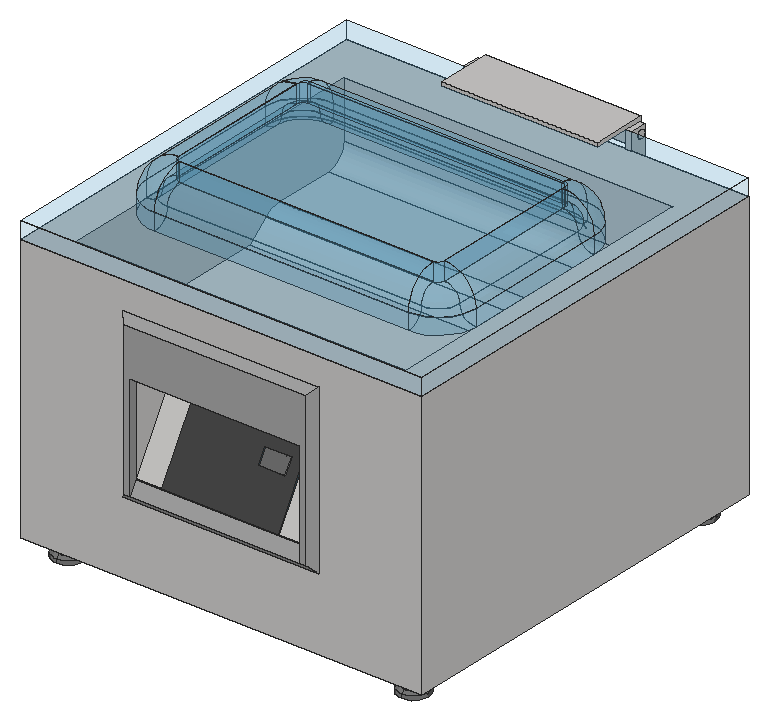
Revit family "QF_ELECTROLUXPROFESSIONAL_602181_EVP20T", category Specialty Equipment, Revit 2018
Family settings
  Round Connector Dimension = Use Diameter
  Part Type = Normal
  Work Plane-Based = No
  Always vertical = Yes
  Cut with Voids When Loaded = No
  Shared = No
  Room Calculation Point = No
Parameters (values of type "Standard")
  Width = 531.0 mm
  Weight = 62.00 kg
  Watts = 0 W
  Volts = 220 V
  URL Manufacturer = "http://professional.electrolux.com"
  URL = "http://professional.electrolux.com"
  Steam Supply Size = 0 mm
  Steam Supply Minimum Pressure = 0.0 Pa
  Steam Supply Maximum Pressure = 0.0 Pa
  Steam Pounds per Hour = 0
  Refrigeration Suction Line Size = 0 mm
  Refrigeration Liquid Line Size = 0 mm
  Refrigerant Compressor Remote = yes
  Manufacturer = "Electrolux Professional"
  Phase = 0
  Model = "EVP20T"
  Max_Height = 790.0 mm
  Length Actual = 531.0 mm  # constant formula
  Item Number = "602181"
  Hot Water Size = 0 mm
  Height Actual = 440.0 mm  # constant formula
  Height = 440.0 mm
  HP = "1.2 HP"
  Gas Size = 0 mm
  Gas KW = 0
  Gas Input Pressure = 0 W
  FeetLeft = 474.0 mm
  FeetFront = 457.0 mm
  Feet [instance] = 923.0 mm
  Direct Waste Size = 0 mm
  Description = "VACUUM PACKER 20 M3/H, TABLE TOP, TOUCH SCREEN"
  Depth Actual = 594.0 mm  # constant formula
  Depth = 594.0 mm
  Cycle = 60 Hz
  Condensate Return Size = 0 mm
  Compressed Air Volume = 0.0 L/s
  Compressed Air Size = 0 mm
  Compressed Air Pressure = 0.0 Pa
  Cold Water Size = 0 mm
  Accessory = yes
Types (2, lengths in mm): name | URL | Manufacturer | Model | Description
  (no name) | 0.0 | 0.0 | 0.0 | 0.0
  Standard | "http://professional.electrolux.com" | "Electrolux Professional" | "EVP20T" | "VACUUM PACKER 20 M3/H, TABLE TOP, TOUCH SCREEN"
Values of the unnamed type that differ from the named types
  Volts = 0 V
  URL Manufacturer = ""
  Item Number = ""
  Cycle = 0 Hz
Reference planes
  plane 1 "Center (Front/Back)": y = 0
  plane 2: z = 0
  plane 3 "Center (Left/Right)": x = 0
  plane 4 "LEFT": x = -265.5
  plane 5 "RIGHT": x = 265.5
  plane 6 "BACK": y = 285
  plane 7 "FRONT": y = -285
  plane 8 "Feet": z = 923
  plane 9 "TOP": z = 1340
  plane 10 "FeetY_Left": x = -228.5
  plane 11 "FeetX_Back": y = 232.5
  plane 12 "FeetX_Front": y = -241.5
  plane 13 "FeetY_Right": x = 228.5
  plane 14 "Cover": z = 1299
  plane 15 "PANEL": through (0, -188.368, 1191.413) normal (0, -0.8594, 0.5113)
  plane 16 "Pipe": y = 309
  plane 17 "PipeX": x = -194.407
  plane 18 "Open_MaxHeight": z = 1690
  plane 19: z = 900
Forms (mm)
  Revolve 1, solid, material "QF_Finishes_Rubber Black"
    sketch origin (-228.5, -374, 900) x (0, 1, 0) y (0, 0, 1)
      loop
        line (132.5, 0) -> (132.5, 23) -> (118.459, 23) -> (118.459, 8) -> (112.5, 5) -> (112.5, 0) -> (132.5, 0)
      axis (132.5, 23) -> (132.5, 0)
    angle from 0 to 360
  Revolve 2, solid, material "QF_Finishes_Rubber Black"
    sketch origin (228.5, 0, 900) x (0, 1, 0) y (0, 0, 1)
      loop
        line (-241.5, 0) -> (-241.5, 23) -> (-255.541, 23) -> (-255.541, 8) -> (-261.5, 5) -> (-261.5, 0) -> (-241.5, 0)
      axis (-241.5, 23) -> (-241.5, 0)
    angle from 0 to 360
  Revolve 3, solid, material "QF_Finishes_Rubber Black"
    sketch origin (-228.5, 0, 900) x (0, 1, 0) y (0, 0, 1)
      loop
        line (232.5, 0) -> (232.5, 23) -> (218.459, 23) -> (218.459, 8) -> (212.5, 5) -> (212.5, 0) -> (232.5, 0)
      axis (232.5, 23) -> (232.5, 0)
    angle from 0 to 360
  Revolve 4, solid, material "QF_Finishes_Rubber Black"
    sketch origin (228.5, 374, 900) x (0, 1, 0) y (0, 0, 1)
      loop
        line (-141.5, 0) -> (-141.5, 23) -> (-155.541, 23) -> (-155.541, 8) -> (-161.5, 5) -> (-161.5, 0) -> (-141.5, 0)
      axis (-141.5, 23) -> (-141.5, 0)
    angle from 0 to 360
  Extrusion 5, solid, material "QF_Finishes_Stainless Steel"
    sketch origin (0, 0, 0) x (1, 0, 0) y (0, 1, 0)
      loop
        line (-265.5, -275) -> (265.5, -275) -> (265.5, 266) -> (-265.5, 266) -> (-265.5, -275)
    from 923 to 1276.075
  Sweep 6, solid, material "Glass"
    path origin (-10, 20, 1299) x (-1, 0, 0) y (0, -1, 0)
      loop
        arc (158, -101.5) -> (193.355, -86.855) -> (208, -51.5) r 50
        line (208, -51.5) -> (208, 144.476)
        arc (208, 144.476) -> (193.355, 179.831) -> (158, 194.476) r 50
        line (158, 194.476) -> (-178, 194.476)
        arc (-178, 194.476) -> (-213.355, 179.831) -> (-228, 144.476) r 50
        line (-228, 144.476) -> (-228, -51.5)
        arc (-228, -51.5) -> (-213.355, -86.855) -> (-178, -101.5) r 50
        line (-178, -101.5) -> (158, -101.5)
    profile origin (0, 121.5, 1299) x (0, 1, 0) y (0, 0, 1)
      loop
        line (0.024, -22.925) -> (0.024, -0.972)
        arc (0.024, -0.972) -> (-12.266, 28.699) -> (-41.936, 40.989) r 41.96
        line (-41.936, 40.989) -> (-41.936, 16.929)
        arc (-41.936, 16.929) -> (-27.767, 11.06) -> (-21.898, -3.109) r 20.038
        arc (-21.898, -3.109) -> (-15.074, -17.594) -> (0.024, -22.925) r 20.778
  Extrusion 7, void
    sketch origin (0, 0, 0) x (0, 1, 0) y (0, 0, 1)
      loop
        line (200.533, 1276) -> (-242, 1276) -> (-242, 1201.071)
        arc (-242, 1201.071) -> (-235.996, 1186.575) -> (-221.5, 1180.571) r 20.5
        line (-221.5, 1180.571) -> (-141.413, 1180.571)
        arc (-141.413, 1180.571) -> (-130.662, 1178.578) -> (-121.339, 1172.865) r 30
        line (-121.339, 1172.865) -> (-91.502, 1146) -> (45.689, 1146) -> (72.68, 1167.284)
        arc (72.68, 1167.284) -> (82.412, 1173.787) -> (93.893, 1176.071) r 30
        line (93.893, 1176.071) -> (175.533, 1176.071)
        arc (175.533, 1176.071) -> (193.211, 1183.393) -> (200.533, 1201.071) r 25
        line (200.533, 1201.071) -> (200.533, 1276)
    from -218.024 to 218.024
  Blend 8, solid, material "QF_Finishes_Gray"
    base sketch origin (0, -285, 0) x (-1, 0, 0) y (0, 0, 1)
      loop
        line (-130, 1240.464) -> (-130, 1019) -> (130, 1019) -> (130, 1240.464) -> (-130, 1240.464)
    top sketch origin (0, -285, 0) x (-1, 0, 0) y (0, 0, 1)
      loop
        line (-120, 1230.464) -> (-120, 1029) -> (120, 1029) -> (120, 1230.464) -> (-120, 1230.464)
    from 10 to 0
  Extrusion 9, void
    sketch origin (0, 0, 28.827) x (0, 1, 0) y (0, 0, 1)
      loop
        line (-285, 1000.173) -> (-223.603, 1103.365) -> (-285, 1139.895) -> (-285, 1000.173)
    from -113 to 113
  Extrusion 10, solid, material "QF_Finishes_Stainless Steel"
    sketch origin (0, 0, 0) x (0, 1, 0) y (0, 0, 1)
      loop
        line (266, 1227.492) -> (288.413, 1227.492) -> (288.413, 1299) -> (266, 1299) -> (266, 1227.492)
    from -103 to -111
  Extrusion 11, solid, material "QF_Finishes_Stainless Steel"
    sketch origin (0, 7, 0) x (0, 1, 0) y (0, 0, 1)
      loop
        line (212.5, 1299) -> (266, 1299) -> (266, 1277.306) -> (285, 1277.306) -> (285, 1304) -> (212.5, 1304) -> (212.5, 1299)
      loop
        circle (273, 1290.774) r 5
    from -103 to 103
  Extrusion 12, solid, material "QF_Finishes_Stainless Steel"
    sketch origin (0, 7, 0) x (0, 1, 0) y (0, 0, 1)
      loop
        circle (273, 1290.774) r 5
    from 111 to 112.734
  Extrusion 13, solid, material "QF_Finishes_Stainless Steel"
    sketch origin (0, 7, 0) x (0, 1, 0) y (0, 0, -1)
      loop
        circle (273, -1290.774) r 5
    from 111 to 113.286
  Extrusion 14, solid, material "QF_Finishes_Stainless Steel"
    sketch origin (0, 0, 0) x (0, 1, 0) y (0, 0, 1)
      loop
        line (266, 1227.492) -> (288.413, 1227.492) -> (288.413, 1299) -> (266, 1299) -> (266, 1227.492)
    from 103 to 111
  Extrusion 15, solid, material "QF_Finishes_Stainless Steel"
    sketch origin (0, 285, 0) x (-1, 0, 0) y (0, 0, 1)
      loop
        circle (-235.5, 933) r 8
    from -19 to -17.4
  Sweep 16, solid, material "QF_Finishes_Stainless Steel"
    path origin (-194.407, 0, 45) x (0, -1, 0) y (0, 0, 1)
      loop
        line (-300.5, 1133.544) -> (-300.5, 1118.544)
        arc (-300.5, 1118.544) -> (-297.571, 1111.473) -> (-290.5, 1108.544) r 10
        line (-290.5, 1108.544) -> (-266, 1108.544)
    profile origin (-194.407, 300.5, 1171.044) x (-1, 0, 0) y (0, -1, 0)
      loop
        circle (0, 0) r 8.5
      loop
        circle (0, 0) r 7
  Extrusion 17, solid, material "Glass"
    sketch origin (-10, 20, 1299) x (-1, 0, 0) y (0, -1, 0)
      loop
        line (166.024, -56) -> (166.024, 144.476)
        arc (166.024, 144.476) -> (163.662, 150.178) -> (157.96, 152.54) r 8.064
        line (157.96, 152.54) -> (-177.96, 152.54)
        arc (-177.96, 152.54) -> (-183.662, 150.178) -> (-186.024, 144.476) r 8.064
        line (-186.024, 144.476) -> (-186.024, -56)
        arc (-186.024, -56) -> (-183.662, -61.702) -> (-177.96, -64.064) r 8.064
        line (-177.96, -64.064) -> (157.96, -64.064)
        arc (157.96, -64.064) -> (163.662, -61.702) -> (166.024, -56) r 8.064
    from 16.929 to 41
  Extrusion 18, solid, material "Glass"
    sketch origin (0, 0, 0) x (1, 0, 0) y (0, 1, 0)
      loop
        line (-265.5, -275) -> (265.5, -275) -> (265.5, 266) -> (-265.5, 266) -> (-265.5, -275)
    from 1299 to 1276.075
  Sweep 19, solid, material "QF_Door-Drawer Clearances", detail levels coarse
    path origin (-10, 108.376, 1479.286) x (0, -0.707107, 0.707107) y (-1, 0, 0)
      loop
        line (-106, 158) -> (-106, -178)
        arc (-106, -178) -> (-91.355, -213.355) -> (-56, -228) r 50
        line (-56, -228) -> (139.976, -228)
        arc (139.976, -228) -> (175.331, -213.355) -> (189.976, -178) r 50
        line (189.976, -178) -> (189.976, 158)
        arc (189.976, 158) -> (175.331, 193.355) -> (139.976, 208) r 50
        line (139.976, 208) -> (-56, 208)
        arc (-56, 208) -> (-91.355, 193.355) -> (-106, 158) r 50
    profile origin (0, 183.329, 1404.333) x (0, -0.707107, 0.707107) y (0, -0.707107, -0.707107)
      loop
        line (-0.024, 22.925) -> (-0.024, 0.972)
        arc (-0.024, 0.972) -> (12.266, -28.699) -> (41.936, -40.989) r 41.96
        line (41.936, -40.989) -> (41.936, -16.929)
        arc (41.936, -16.929) -> (27.767, -11.06) -> (21.898, 3.109) r 20.038
        arc (21.898, 3.109) -> (15.074, 17.594) -> (-0.024, 22.925) r 20.778
  Extrusion 20, solid, material "QF_Door-Drawer Clearances", detail levels coarse
    sketch origin (0, -824.298, 574.896) x (1, 0, 0) y (0, 0.707107, -0.707107)
      loop
        line (-265.5, -277.995) -> (265.5, -277.995) -> (265.5, 266) -> (-265.5, 266) -> (-265.5, -277.995)
    from 1299 to 1276.075
  Extrusion 21, solid, material "QF_Door-Drawer Clearances", detail levels coarse
    sketch origin (0, 67.938, -12.885) x (0, 0.99863, 0.052336) y (0, -0.052336, 0.99863)
      loop
        line (191.553, 1463.032) -> (49.628, 1620.656) -> (31.749, 1604.557) -> (173.674, 1446.933) -> (191.553, 1463.032)
    from -176.064 to 176.064
Cuts and joins
  Extrusion 7, Extrusion 9 cuts Extrusion 5
  Extrusion 9 cuts Blend 8
Lines and regions (mm)
  symbolic lines
    curve 1: line (265.5, -275, 1299) -> (-265.5, -275, 1299)
    curve 2: line (-120, -285, 1299) -> (-130, -275, 1299)
    curve 3: line (120, -285, 1299) -> (-120, -285, 1299)
    curve 4: line (130, -275, 1299) -> (120, -285, 1299)
    curve 5: line (265.5, 266, 1299) -> (265.5, -275, 1299)
    curve 6: line (-265.5, -275, 1299) -> (-265.5, 266, 1299)
    curve 7: line (-103, 292, 1299) -> (103, 292, 1299)
    curve 8: line (103, 288.413, 1299) -> (111, 288.413, 1299)
    curve 9: line (-103, 292, 1299) -> (-103, 219.5, 1299)
    curve 10: line (103, 292, 1299) -> (103, 219.5, 1299)
    curve 11: line (111, 288.413, 1299) -> (111, 266, 1299)
    curve 12: line (-265.5, 266, 1299) -> (-103, 266, 1299)
    curve 13: line (261, 267.6, 1299) -> (227.5, 267.6, 1299)
    curve 14: line (227.5, 267.6, 1299) -> (227.5, 266, 1299)
    curve 15: line (261, 267.6, 1299) -> (261, 266, 1299)
    curve 16: line (103, 219.5, 1299) -> (-103, 219.5, 1299)
    curve 17: line (103, 266, 1299) -> (265.5, 266, 1299)
    curve 18: circle (-194.407, 300.5, 1299) r 8.5 normal (0, 0, 1)
    curve 19: circle (-194.407, 300.5, 1299) r 7 normal (0, 0, -1)
    curve 20: line (-202.907, 300.5, 1299) -> (-202.907, 266, 1299)
    curve 21: line (-185.907, 300.5, 1299) -> (-185.907, 266, 1299)
    curve 22: line (-103, 288.413, 1299) -> (-111, 288.413, 1299)
    curve 23: line (-111, 288.413, 1299) -> (-111, 266, 1299)
    curve 24: arc (-168, -174.5, 1299) -> (-203.372, -159.848, 1299) -> (-218.024, -124.476, 1299) r 50.024
    curve 25: line (168, -174.5, 1299) -> (-168, -174.5, 1299)
    curve 26: arc (218.024, -124.476, 1299) -> (203.372, -159.848, 1299) -> (168, -174.5, 1299) r 50.024
    curve 27: arc (168, 121.524, 1299) -> (203.372, 106.872, 1299) -> (218.024, 71.5, 1299) r 50.024
    curve 28: line (-168, 121.524, 1299) -> (168, 121.524, 1299)
    curve 29: arc (-218.024, 71.5, 1299) -> (-203.372, 106.872, 1299) -> (-168, 121.524, 1299) r 50.024
    curve 30: line (-218.024, 71.5, 1299) -> (-218.024, -124.476, 1299)
    curve 31: line (218.024, -124.476, 1299) -> (218.024, 71.5, 1299)
Dimensions and locks
  "Width": plane 4 "LEFT" to plane 5 "RIGHT"
  equal spacing: plane 4 "LEFT", plane 3 "Center (Left/Right)", plane 5 "RIGHT"
  equal spacing: plane 6 "BACK", plane 1 "Center (Front/Back)", plane 7 "FRONT"
  plane 6 "BACK" to plane 7 "FRONT" = 570.0 mm
  "FeetFront": plane 10 "FeetY_Left" to plane 13 "FeetY_Right"
  "FeetLeft": plane 11 "FeetX_Back" to plane 12 "FeetX_Front"
  plane 11 "FeetX_Back" to plane 1 "Center (Front/Back)" to plane 12 "FeetX_Front" = 232.5 mm, 241.5 mm
  "Depth": plane 7 "FRONT" to plane 16 "Pipe"
  equal spacing: plane 10 "FeetY_Left", plane 3 "Center (Left/Right)", plane 13 "FeetY_Right"
  plane 19 to level = 900.0 mm
  plane 8 "Feet" to plane 19 = 23.0 mm
  "Max_Height": plane 18 "Open_MaxHeight" to plane 19
  "Height": plane 9 "TOP" to plane 19
  angle Extrusion 18 to Extrusion 20 = 45.00°
  aligned and locked: level to plane 2
  aligned and locked: plane 8 "Feet" to Extrusion 5
Automatic sketch dimensions
  Revolve 1 sketch curve to plane 19 = 0.0 mm
  Revolve 1 sketch curve to plane 8 "Feet" = 0.0 mm
  Revolve 1 sketch curve to plane 12 "FeetX_Front" = 0.0 mm  (x2)
  Revolve 1 sketch curve to plane 12 "FeetX_Front" = 14.041 mm
  plane 19 to Revolve 1 sketch curve = 5.0 mm
  Revolve 1 sketch curve to Revolve 1 sketch curve = 5.959 mm
  Revolve 1 sketch curve to Revolve 1 sketch curve = 3.0 mm
  Revolve 1 sketch curve to plane 19 = 6.921 mm
  plane 18 "Open_MaxHeight" to Revolve 1 sketch curve = 101.067 mm
  Revolve 2 sketch curve to plane 19 = 0.0 mm
  Revolve 2 sketch curve to plane 8 "Feet" = 0.0 mm
  Revolve 2 sketch curve to plane 12 "FeetX_Front" = 0.0 mm  (x2)
  Revolve 2 sketch curve to plane 12 "FeetX_Front" = 14.041 mm
  plane 19 to Revolve 2 sketch curve = 5.0 mm
  Revolve 2 sketch curve to Revolve 2 sketch curve = 5.959 mm
  Revolve 2 sketch curve to Revolve 2 sketch curve = 3.0 mm
  Revolve 2 sketch curve to plane 19 = 6.921 mm
  plane 18 "Open_MaxHeight" to Revolve 2 sketch curve = 101.067 mm
  Revolve 3 sketch curve to plane 19 = 0.0 mm
  Revolve 3 sketch curve to plane 8 "Feet" = 0.0 mm
  Revolve 3 sketch curve to plane 11 "FeetX_Back" = 0.0 mm  (x2)
  Revolve 3 sketch curve to plane 11 "FeetX_Back" = 14.041 mm
  plane 19 to Revolve 3 sketch curve = 5.0 mm
  Revolve 3 sketch curve to Revolve 3 sketch curve = 5.959 mm
  Revolve 3 sketch curve to Revolve 3 sketch curve = 3.0 mm
  Revolve 3 sketch curve to plane 19 = 6.921 mm
  plane 18 "Open_MaxHeight" to Revolve 3 sketch curve = 101.067 mm
  Revolve 4 sketch curve to plane 19 = 0.0 mm
  Revolve 4 sketch curve to plane 8 "Feet" = 0.0 mm
  Revolve 4 sketch curve to plane 11 "FeetX_Back" = 0.0 mm  (x2)
  Revolve 4 sketch curve to plane 11 "FeetX_Back" = 14.041 mm
  plane 19 to Revolve 4 sketch curve = 5.0 mm
  Revolve 4 sketch curve to Revolve 4 sketch curve = 5.959 mm
  Revolve 4 sketch curve to Revolve 4 sketch curve = 3.0 mm
  Revolve 4 sketch curve to plane 19 = 6.921 mm
  plane 18 "Open_MaxHeight" to Revolve 4 sketch curve = 101.067 mm
  Extrusion 5 sketch curve to plane 4 "LEFT" = 0.0 mm
  Extrusion 5 sketch curve to plane 5 "RIGHT" = 0.0 mm
  plane 7 "FRONT" to Extrusion 5 sketch curve = 10.0 mm
  Extrusion 5 sketch curve to plane 6 "BACK" = 19.0 mm
  Sweep 6 sketch curve to plane 13 "FeetY_Right" = 10.5 mm
  Sweep 6 sketch curve to plane 13 "FeetY_Right" = 60.5 mm  (x2)
  Sweep 6 sketch curve to plane 17 "PipeX" = 26.407 mm  (x2)
  plane 10 "FeetY_Left" to Sweep 6 sketch curve = 10.5 mm
  Sweep 6 sketch curve to plane 11 "FeetX_Back" = 111.0 mm
  plane 12 "FeetX_Front" to Sweep 6 sketch curve = 117.024 mm
  plane 14 "Cover" to Sweep 6 sketch curve = 0.972 mm
  profile plane to Sweep 6 sketch curve = 41.936 mm
  profile plane to Sweep 6 sketch curve = 1.141 mm
  Sweep 6 sketch curve to profile plane = 0.024 mm
  Sweep 6 sketch curve to Sweep 6 sketch curve = 1.208 mm
  Sweep 6 sketch curve to Sweep 6 sketch curve = 2.137 mm
  Sweep 6 sketch curve to Sweep 6 sketch curve = 20.745 mm
  Blend 8 sketch curve to plane 13 "FeetY_Right" = 98.5 mm
  Blend 8 sketch curve to plane 17 "PipeX" = 64.407 mm
  plane 8 "Feet" to Blend 8 sketch curve = 96.0 mm
  plane 14 "Cover" to Blend 8 sketch curve = 58.536 mm
  Blend 8 sketch curve to plane 13 "FeetY_Right" = 108.5 mm
  Blend 8 sketch curve to plane 17 "PipeX" = 74.407 mm
  plane 8 "Feet" to Blend 8 sketch curve = 106.0 mm
  plane 14 "Cover" to Blend 8 sketch curve = 68.536 mm
  plane 14 "Cover" to Extrusion 11 sketch curve = 0.0 mm
  plane 6 "BACK" to Extrusion 11 sketch curve = 7.0 mm
  Extrusion 11 sketch curve to plane 6 "BACK" = 5.0 mm
  Extrusion 11 sketch curve to Extrusion 11 sketch curve = 7.0 mm
  Extrusion 11 sketch curve to plane 11 "FeetX_Back" = 13.0 mm
  plane 14 "Cover" to Extrusion 11 sketch curve = 8.226 mm
  Extrusion 11 sketch curve to Extrusion 11 sketch curve = 13.468 mm
  Extrusion 11 sketch curve to plane 14 "Cover" = 5.0 mm
  Extrusion 12 sketch curve to plane 6 "BACK" = 5.0 mm
  plane 14 "Cover" to Extrusion 12 sketch curve = 8.226 mm
  Extrusion 13 sketch curve to plane 6 "BACK" = 5.0 mm
  plane 14 "Cover" to Extrusion 13 sketch curve = 8.226 mm
  plane 13 "FeetY_Right" to Extrusion 15 sketch curve = 7.0 mm
  plane 8 "Feet" to Extrusion 15 sketch curve = 10.0 mm
  plane 16 "Pipe" to Sweep 16 sketch curve = 8.5 mm
  plane 6 "BACK" to Sweep 16 sketch curve = 5.5 mm
  plane 14 "Cover" to Sweep 16 sketch curve = 145.456 mm
  Sweep 16 sketch curve to plane 6 "BACK" = 19.0 mm
  Sweep 16 sketch curve to Sweep 16 sketch curve = 15.0 mm
  Sweep 16 sketch curve to Sweep 16 sketch curve = 0.0 mm  (x2)
  Sweep 16 sketch curve to plane 17 "PipeX" = 0.0 mm
  Sweep 16 sketch curve to profile plane = 0.0 mm
  Extrusion 17 sketch curve to plane 13 "FeetY_Right" = 52.476 mm
  Extrusion 17 sketch curve to Extrusion 17 sketch curve = 8.064 mm  (x3)
  Extrusion 17 sketch curve to plane 17 "PipeX" = 26.447 mm  (x2)
  Extrusion 17 sketch curve to plane 1 "Center (Front/Back)" = 84.064 mm
  plane 12 "FeetX_Front" to Extrusion 17 sketch curve = 117.024 mm
  Extrusion 18 sketch curve to plane 4 "LEFT" = 0.0 mm
  Extrusion 18 sketch curve to plane 5 "RIGHT" = 0.0 mm
  plane 7 "FRONT" to Extrusion 18 sketch curve = 10.0 mm
  Extrusion 18 sketch curve to plane 6 "BACK" = 19.0 mm
  plane 14 "Cover" to Extrusion 10 sketch curve = 0.0 mm
  Extrusion 10 sketch curve to plane 6 "BACK" = 19.0 mm
  plane 6 "BACK" to Extrusion 10 sketch curve = 3.413 mm
  plane 6 "BACK" to Extrusion 14 sketch curve = 3.413 mm
  Extrusion 14 sketch curve to Extrusion 14 sketch curve = 71.508 mm
  Extrusion 10 sketch curve to Extrusion 10 sketch curve = 71.508 mm
  plane 14 "Cover" to Extrusion 14 sketch curve = 0.0 mm
  Extrusion 14 sketch curve to plane 6 "BACK" = 19.0 mm
  curve 18 to curve 19 = 0.0 mm  (x2)
  curve 1 to plane 5 "RIGHT" = 0.0 mm
  curve 4 to plane 7 "FRONT" = 0.0 mm
  plane 6 "BACK" to curve 10 = 7.0 mm
  curve 18 to plane 17 "PipeX" = 0.0 mm
  curve 6 to plane 4 "LEFT" = 0.0 mm
  curve 15 to plane 5 "RIGHT" = 4.5 mm
  curve 4 to plane 13 "FeetY_Right" = 108.5 mm
  curve 14 to plane 13 "FeetY_Right" = 1.0 mm
  plane 6 "BACK" to curve 8 = 3.413 mm
  curve 8 to plane 13 "FeetY_Right" = 117.5 mm
  curve 8 to curve 10 = 8.0 mm
  curve 25 to plane 13 "FeetY_Right" = 60.5 mm
  curve 7 to plane 17 "PipeX" = 91.407 mm
  curve 25 to plane 17 "PipeX" = 26.407 mm
  curve 28 to plane 17 "PipeX" = 26.407 mm
  curve 22 to curve 23 = 8.0 mm
  curve 2 to plane 17 "PipeX" = 74.407 mm
  plane 10 "FeetY_Left" to curve 30 = 10.476 mm
  plane 6 "BACK" to curve 19 = 15.5 mm
  plane 6 "BACK" to curve 22 = 3.413 mm
  curve 14 to plane 6 "BACK" = 17.4 mm
  curve 13 to curve 17 = 1.6 mm
  curve 6 to plane 6 "BACK" = 19.0 mm
  curve 16 to plane 11 "FeetX_Back" = 13.0 mm
  curve 10 to curve 28 = 97.976 mm
  curve 27 to curve 27 = 50.024 mm
  plane 12 "FeetX_Front" to curve 24 = 117.024 mm
  curve 26 to curve 25 = 50.024 mm
  plane 7 "FRONT" to curve 1 = 10.0 mm
  curve 4 to curve 3 = 10.0 mm
  curve 21 to plane 17 "PipeX" = 8.5 mm
  curve 2 to plane 17 "PipeX" = 64.407 mm
  curve 18 to curve 21 = 0.0 mm
  curve 20 to curve 18 = 0.0 mm
  Extrusion 7 sketch curve to plane 12 "FeetX_Front" = 0.5 mm
  plane 12 "FeetX_Front" to Extrusion 7 sketch curve = 20.0 mm
  Extrusion 7 sketch curve to Extrusion 7 sketch curve = 80.087 mm
  Extrusion 7 sketch curve to Extrusion 7 sketch curve = 20.074 mm
  Extrusion 7 sketch curve to Extrusion 7 sketch curve = 29.837 mm
  Extrusion 7 sketch curve to plane 1 "Center (Front/Back)" = 45.689 mm
  Extrusion 7 sketch curve to Extrusion 7 sketch curve = 26.99 mm
  Extrusion 7 sketch curve to Extrusion 7 sketch curve = 21.213 mm  (x2)
  Extrusion 7 sketch curve to plane 11 "FeetX_Back" = 56.967 mm
  Extrusion 7 sketch curve to plane 11 "FeetX_Back" = 31.967 mm
  plane 14 "Cover" to Extrusion 7 sketch curve = 153.0 mm
  Extrusion 7 sketch curve to Extrusion 7 sketch curve = 0.071 mm
  Extrusion 7 sketch curve to Extrusion 7 sketch curve = 4.571 mm
  Extrusion 7 sketch curve to Extrusion 7 sketch curve = 22.294 mm
  plane 14 "Cover" to Extrusion 7 sketch curve = 23.0 mm
  Sweep 19 sketch curve to plane 17 "PipeX" = 26.407 mm  (x2)
  Sweep 19 sketch curve to plane 13 "FeetY_Right" = 10.5 mm
  Sweep 19 sketch curve to Sweep 19 sketch curve = 50.0 mm  (x2)
  Sweep 19 sketch curve to Sweep 19 sketch curve = 195.976 mm  (x2)
  profile plane to Sweep 19 sketch curve = 0.024 mm
  Sweep 19 sketch curve to profile plane = 1.141 mm
  Sweep 19 sketch curve to profile plane = 16.929 mm
  Sweep 19 sketch curve to profile plane = 41.936 mm
  Sweep 19 sketch curve to Sweep 19 sketch curve = 24.059 mm
  Sweep 19 sketch curve to Sweep 19 sketch curve = 1.208 mm
  Sweep 19 sketch curve to Sweep 19 sketch curve = 2.137 mm
  Extrusion 20 sketch curve to plane 4 "LEFT" = 0.0 mm
  Extrusion 20 sketch curve to plane 5 "RIGHT" = 0.0 mm
  Extrusion 20 sketch curve to Extrusion 20 sketch curve = 543.995 mm
  Extrusion 21 sketch curve to plane 1 "Center (Front/Back)" = 15.667 mm
  plane 15 "PANEL" to Extrusion 21 sketch curve = 29.038 mm
  Extrusion 21 sketch curve to Extrusion 21 sketch curve = 17.88 mm
  Extrusion 21 sketch curve to Extrusion 21 sketch curve = 141.925 mm
  Extrusion 21 sketch curve to Extrusion 21 sketch curve = 141.525 mm
  Extrusion 9 sketch curve to plane 7 "FRONT" = 0.0 mm
  Extrusion 9 sketch curve to plane 15 "PANEL" = 0.0 mm  (x2)
  plane 12 "FeetX_Front" to Extrusion 9 sketch curve = 17.897 mm
  radius of Extrusion 11 sketch curve = 5.0 mm
  radius of Extrusion 12 sketch curve = 5.0 mm
  radius of Extrusion 13 sketch curve = 5.0 mm
  radius of Extrusion 15 sketch curve = 8.0 mm
  radius of Sweep 16 sketch curve = 8.5 mm
  radius of Sweep 16 sketch curve = 7.0 mm
  radius of curve 19 = 7.0 mm
Nested families
  nested 1: "QF_EVP_PANEL" at (0.008, -249.162, 1089.203) x (1, 0, 0) z (0, -0.8594, 0.5113), type "QF_EVP_PANEL"
Connectors
  electrical at (235.5, 267.6, 933), driven by "Volts"
    settings: on Extrusion 15, index 1, voltage 220 V, apparent load 0 VA, apparent load phase1 0 VA, apparent load phase2 0 VA, apparent load phase3 0 VA, power factor 1, load classification "Other", number of poles 1, system type 30, power factor state 1, is connector primary yes, connector utility no, sub classification motor no, connector description "Electrical Connection"
  piping at (-194.407, 300.5, 1178.544), diameter 17
    settings: on Sweep 16, index 2, connector inside diameter 609.6 mm, connector length 0.0 mm, flow factor 0, pipe flow 0.0 L/s, pressure drop 0.0 Pa, fitting loss kfactor 0, connector angle 0.00°, fixture units 0, engagement length 0.0 mm, angle of deflection 0.00°, flow configuration 1, flow direction 1, fitting loss method 0, system type 22, joint type 0, gender type 0, connector reference index -1, connector utility 0, adjustable connector no, is connector primary yes, connector description "Inert Gas Connection"
Definition of nested family "QF_EVP_PANEL"
  Parameters
    Default Elevation = 1219.2 mm
  Reference planes
    plane 1 "Center (Front/Back)": y = 0
    plane 2: z = 0
    plane 3 "Center (Left/Right)": x = 0
    plane 4: y = 50
    plane 5: y = -50
    plane 6: x = -77
    plane 7: x = 77
  Forms (mm)
    Extrusion 1, solid
      sketch origin (0, 0, 0) x (1, 0, 0) y (0, 1, 0)
        loop
          line (-1219.2, 1219.2) -> (-1219.2, -1219.2) -> (1219.2, -1219.2) -> (1219.2, 1219.2) -> (-1219.2, 1219.2)
      from 0 to -304.8
    Extrusion 2, solid
      sketch origin (0, 0, 0) x (1, 0, 0) y (0, 1, 0)
        loop
          line (26.572, 30) -> (26.572, 10) -> (61.572, 10) -> (61.572, 30) -> (26.572, 30)
        loop
          line (77, 50) -> (-77, 50) -> (-77, -50) -> (77, -50) -> (77, 50)
      from 0 to 1.6
    Extrusion 3, solid
      sketch origin (0, 0, 0) x (1, 0, 0) y (0, 1, 0)
        loop
          line (26.572, 30) -> (26.572, 10) -> (61.572, 10) -> (61.572, 30) -> (26.572, 30)
      from 0 to 1.6
  Dimensions and locks
    plane 6 to plane 7 = 154.0 mm
    plane 4 to plane 5 = 100.0 mm
    aligned and locked: plane 2 to Extrusion 1
    aligned and locked: level to Extrusion 1
